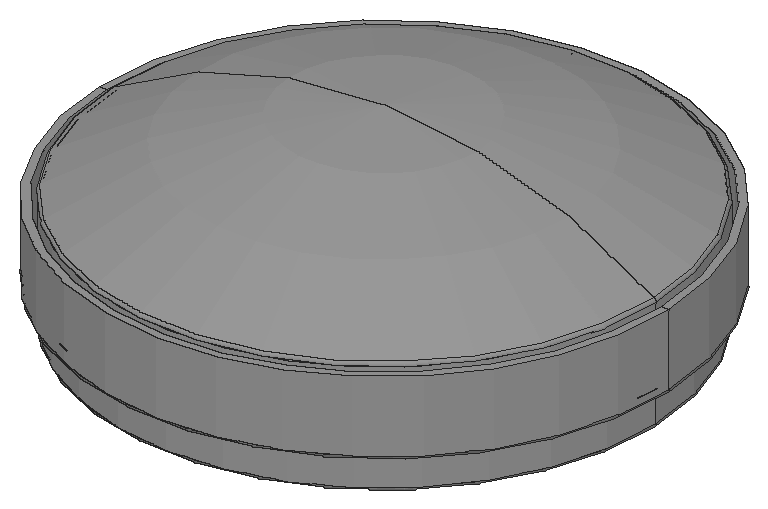
Revit family "3034768 Sylvania Lighting Fixture GIOTTO305 LED G2 4000K SURFACE 1-10V", category Lighting Fixtures, host Face, Revit 2016
Family settings
  Host = Face
  Part Type = Normal
  Round Connector Dimension = Use Diameter
  OmniClass Number = 23.80.70.00
  OmniClass Title = Lighting
  Cut with Voids When Loaded = No
  Light Source = Yes
  Shared = No
  Room Calculation Point = No
Parameters (values of type "3034768 GIOTTO305 LED G2 4000K SURFACE 1-10V")
  Weight = "1.11 kg"
  Wattage Comments = ""
  Wattage = 19 W
  WarrantyStartDate [instance] = "n/a"
  WarrantyGuarantorParts = "n/a"
  WarrantyDurationUnit = "n/a"
  WarrantyDurationParts = "n/a"
  WarrantyDescription = "n/a"
  built-in parameter 1150110 = 1 (stored number, unit not read)
  Voltage = 0 V
  URL = "http://www.sylvania-lighting.com"
  TypeName = "GIOTTO305 LED G2 4000K SURFACE 1-10V"
  Type Image = <None>
  Type Comments = "n/a"
  built-in parameter 1114217 = 1 (stored number, unit not read)
  Tilt Angle = -90.00°
  built-in parameter 1150109 = 1 (stored number, unit not read)
  built-in parameter 1150134 = 12
  built-in parameter 1150113 = 1 (stored number, unit not read)
  SerialNumber [instance] = "n/a"
  Photometric Web File = "3034768.ies"
  Material_3_SYL = LED-Sylvania
  PowerFactor = 0
  PowerConsumption = "19 W"
  NominalLength = 305 mm
  NominalHeight = 104 mm
  NominalDepth = 305 mm
  Name = "GIOTTO305 LED G2 4000K SURFACE 1-10V"
  ModelReference = Name  # "GIOTTO305 LED G2 4000K SURFACE 1-10V"
  ModelNumber = "3034768"
  Model = Name  # "GIOTTO305 LED G2 4000K SURFACE 1-10V"
  Material = "polycarbonate housing, polycarbonate diffuser"
  ManufacturerName = "Feilo Sylvania"
  Manufacturer = "Feilo Sylvania"
  LuminousEfficacy = "89 lm/W"
  built-in parameter 1150105 = 134.57 (stored number, unit not read)
  Lumens = 1691 lm
  LuminaireType = ""
  built-in parameter 1150115 = 1 (stored number, unit not read)
  LightOutputRatio = "n/a"
  built-in parameter 1150137 = (empty or 0)
  built-in parameter 1150139 = (empty or 0)
  LampsType = Lamp  # "LED"
  LampNominalLuminous = "1690 lm"
  LampMacAdamStep = "n/a"
  LampColourTemperature = "4000 K"
  LampColourRenderingIndex = "80"
  built-in parameter 1150112 = 1 (stored number, unit not read)
  built-in parameter 1150114 = 1 (stored number, unit not read)
  Lamp = "LED"
  Keynote = "16500"
  InstallationDate [instance] = "n/a"
  InputVoltage = "n/a"
  InputNominalFrequency = "n/a"
  built-in parameter 1150132 = (empty or 0)
  built-in parameter 1150102 = (empty or 0)
  built-in parameter 1150107 = 4000 (stored number, unit not read)
  built-in parameter 1150138 = (empty or 0)
  IngressProtection = "IP44"
  ImpactProtectionIndex = "IK10"
  built-in parameter 1150106 = 1.3457 (stored number, unit not read)
  IfcExportType = "IfcLightFixtureType"
  IfcExportAs = "IfcLightFixtureType"
  Height_SYL = 104 mm
  ExpectedLife = 50000
  Emit from Circle Diameter = 317 mm
  Emit Shape Visible in Rendering = no
  ElectricShockClassification = "Class I"
  built-in parameter 1150104 = 8.2684 (stored number, unit not read)
  DurationUnit = "hours"
  DocumentationLiterature = "http://www.sylvania-lighting.com/product/en-int/products/3034768"
  DimmingControlOptions = "n/a"
  Material_2_SYL = Polycarbonate_Sylvania_Giotto_Opal
  Dimming Lamp Color Temperature Shift = <None>
  DiffuserRadius_SYL = 282.611 mm
  Diameter_SYL = 305 mm
  Description = "Ambient and decorative round, surface mounted LED bulkhead luminaire. White robust polycarbonate body with opal diffuser, 1690 lm, 19W, 89lm/W, 4000K, CRI 80, 1-10V dimmable, 50,000 hours lumen maintenance. Drive current: 700mA, IP44, IK10, Class I, 220-240V, Energy class: A++, A+, A."
  Default Elevation = 1219.2 mm
  CreatedOn = "11/7/2018"
  CreatedBy = "@sylvania-lighting.com"
  Cost = 0
  Color Filter = 16777215
  built-in parameter 1114216 [instance] = (empty or 0)
  ClassificationValue = "EF_70_80"
  ClassificationName = "Uniclass2015"
  Material_1_SYL = Polycarbonate_Sylvania_Giotto_White
  BarCode [instance] = "n/a"
  built-in parameter 1114218 = 1 (stored number, unit not read)
  built-in parameter 1150133 = 10 (stored number, unit not read)
  AssetType = "Fixed"
  AssetIdentifier [instance] = "n/a"
  Assembly Code = "D5020200"
  Apparent Load = 19 VA
  Material_4_SYL = none
Reference planes
  plane 1 "Center (Front/Back)": y = 0
  plane 2: z = 0
  plane 3 "Center (Left/Right)": x = 0
  plane 4: x = 152.5
  plane 5: x = -152.5
  plane 6: x = -145.5
  plane 7: x = -148.5
  plane 8: z = 104
  plane 9: z = 59
  plane 10: z = 19
  plane 11: z = 24
  plane 12: x = -150.9
  plane 13: z = 20.6
  plane 14: z = 1.6
  plane 15: x = -143.9
  plane 16: z = 18
  plane 17: x = -146.5
  plane 18: z = 25
  plane 19: z = 61
Forms (mm)
  Revolve 1, solid, material "Polycarbonate_Sylvania_Giotto_White" <- "Material_1_SYL"
    sketch origin (0, 0, 0) x (1, 0, 0) y (0, 0, 1)
      loop
        line (0, 0) -> (0, 25) -> (-143.9, 25) -> (-143.9, 24) -> (-148.5, 24) -> (-148.5, 59) -> (-152.5, 59) -> (-152.5, 20.6)
        arc (-152.5, 20.6) -> (-152.031, 19.469) -> (-150.9, 19) r 1.6
        line (-150.9, 19) -> (-146.5, 19)
        arc (-146.5, 19) -> (-145.793, 18.707) -> (-145.5, 18) r 1
        line (-145.5, 18) -> (-145.5, 1.6)
        arc (-145.5, 1.6) -> (-145.031, 0.469) -> (-143.9, 0) r 1.6
        line (-143.9, 0) -> (0, 0)
      axis (0, 59) -> (0, 0)
    angle from 360 to 0
  Revolve 2, solid, material "Polycarbonate_Sylvania_Giotto_Opal" <- "Material_2_SYL"
    sketch origin (0, 0, 0) x (1, 0, 0) y (0, 0, 1)
      loop
        line (-145.5, 24) -> (-143.9, 24) -> (-143.9, 59.636)
        arc (-143.9, 59.636) -> (-143.79, 60.068) -> (-143.485, 60.394) r 0.9
        arc (-143.485, 60.394) -> (-74.754, 91.683) -> (0, 102.4) r 266.066
        line (0, 102.4) -> (0, 104)
        arc (0, 104) -> (-75.203, 93.218) -> (-144.348, 61.742) r 267.666
        arc (-144.348, 61.742) -> (-145.193, 60.836) -> (-145.5, 59.636) r 2.5
        line (-145.5, 59.636) -> (-145.5, 24)
      axis (0, 104) -> (0, 24)
    angle from 360 to 0
Dimensions and locks
  equal spacing: plane 4, plane 3 "Center (Left/Right)", plane 5
  "Diameter_SYL": plane 4 to plane 5
  locked: plane 6 to plane 5 at 7
  locked: plane 7 to plane 5 at 4
  "Height_SYL": plane 8 to plane 2
  locked: plane 8 to plane 9 at 45
  locked: plane 9 to plane 10 at 40
  Revolve 1 sketch curve to Revolve 1 sketch curve = 4.4 mm
  locked: plane 11 to plane 10 at 5
  locked: plane 12 to plane 5 at 1.6
  locked: plane 13 to plane 10 at 1.6
  locked: plane 14 to plane 2 at 1.6
  locked: plane 15 to plane 6 at 1.6
  locked: plane 6 to plane 17 at 1
  locked: plane 10 to plane 16 at 1
  locked: plane 18 to plane 11 at 1
  locked: plane 19 to plane 9 at 2
  aligned and locked: plane 2 to host face
  aligned and locked: level to host face
  aligned and locked: Revolve 1 sketch curve to plane 3 "Center (Left/Right)"
  aligned and locked: level to Revolve 1 sketch curve
  aligned and locked: Revolve 1 sketch curve to plane 10
  aligned and locked: plane 9 to Revolve 1 sketch curve
  aligned and locked: Revolve 1 sketch curve to plane 7
  aligned and locked: plane 12 to Revolve 1 sketch curve  (x2)
  aligned and locked: plane 13 to Revolve 1 sketch curve  (x2)
  aligned and locked: plane 15 to Revolve 1 sketch curve  (x3)
  aligned and locked: plane 14 to Revolve 1 sketch curve  (x2)
  aligned and locked: plane 3 "Center (Left/Right)" to imposter light
  aligned and locked: imposter light to plane 1 "Center (Front/Back)"
  aligned and locked: plane 18 to Revolve 1 sketch curve
  aligned and locked: plane 11 to Revolve 1 sketch curve
  aligned and locked: imposter light to plane 8
  aligned and locked: plane 6 to Revolve 1 sketch curve
  aligned and locked: plane 17 to Revolve 1 sketch curve
  aligned and locked: plane 16 to Revolve 1 sketch curve
  aligned and locked: Revolve 2 sketch curve to plane 3 "Center (Left/Right)"
  aligned and locked: plane 6 to Revolve 2 sketch curve
  aligned and locked: plane 3 "Center (Left/Right)" to Revolve 2 sketch curve
  aligned and locked: plane 11 to Revolve 2 sketch curve
  aligned and locked: Revolve 2 sketch curve to imposter light
Automatic sketch dimensions
  host sketch curve to host sketch curve = 2438.4 mm  (x2)
  Revolve 1 sketch curve to plane 3 "Center (Left/Right)" = 0 mm
  Revolve 1 sketch curve to level = 609.6 mm
  Revolve 1 sketch curve to plane 8 = 2499.058 mm
  Revolve 2 sketch curve to Revolve 2 sketch curve = 0 mm  (x4)
  Revolve 2 sketch curve to plane 15 = 0 mm
  Revolve 2 sketch curve to plane 8 = 0 mm
  plane 15 to Revolve 2 sketch curve = 0.9 mm
  Revolve 2 sketch curve to level = 163.666 mm
  Revolve 2 sketch curve to plane 9 = 0.636 mm
  Revolve 2 sketch curve to Revolve 2 sketch curve = 445.934 mm
  Revolve 2 sketch curve to plane 8 = 2505.058 mm
Connectors
  electrical at (0, 0, 0), driven by "Apparent Load", driven by "PowerFactor", driven by "Voltage"
    settings: index 1, voltage 0 V, apparent load 19 VA, apparent load phase1 0 VA, apparent load phase2 0 VA, apparent load phase3 0 VA, power factor 0, load classification "Lighting", number of poles 1, system type 30, power factor state 1, is connector primary yes, connector utility no, sub classification motor no, connector description ""
